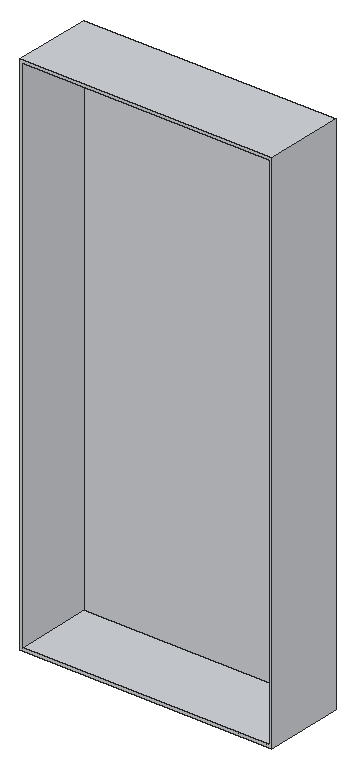
Revit family "Hager-Volta-IP30-Surface_mounted-vuoto-NoHosted-CH-it", category Electrical Equipment, Revit 2020
Family settings
  Panel Configuration = Two Columns, Circuits Across
  Round Connector Dimension = Use Diameter
  Part Type = Panelboard
  Work Plane-Based = Yes
  Always vertical = Yes
  Cut with Voids When Loaded = No
  Shared = No
  Room Calculation Point = No
Parameters (values of type "A parete IP30 L305 A640 P96.5 12 Unità di divisione - VA48MD")
  Width Control [instance] = if([HG000006 - Ad incasso], if([EF000846 - larghezza di montaggio] > min_whd, [EF000846 - larghezza di montaggio], min_whd), if([EF000008 - Larghezza] > min_whd, ([EF000008 - Larghezza]), min_whd))  # 305 mm
  Void Depth [instance] = if([EF000218 - profondità di incasso] > 1 mm, [EF000218 - profondità di incasso], 1 mm)  # 1 mm
  Type Comments = [HG000003 - Gamma]  # "Volta"
  System Height [instance] = Height Control - 2 * [HG000005 - Spessore]  # 634 mm
  Panel Name [instance] = ""  # (empty or 0)
  Offset [instance] = 0 mm
  Model = [HG000004 - Codice produttore]  # "VA48MD"
  Level Offset [instance] = [Flush Mounted - Door Frame Width] + Offset  # 0 mm
  HG000017 - Distanza tra i poli = 18 mm
  HG000016 - Visibilità delle porte nella vista 3D [instance] = yes
  HG000015 - Visibilità attraverso la porta [instance] = no
  HG000014 - Porta destra [instance] = yes
  HG000013 - Porta sinistra [instance] = not([HG000014 - Porta destra])  # no
  HG000012 - Angolo di apertura della porta [instance] = 45.00°
  HG000011 - File vuote nella parte basse = no
  HG000010 - Porte asimmetriche = no
  HG000009 - Porta doppia a battente = no
  HG000008 - Numero di file vuote = 0
  HG000007 - Numero di colonne vuote = 0
  HG000006 - Ad incasso = no
  HG000005 - Spessore = 3 mm  # constant formula
  HG000004 - Codice produttore = "VA48MD"
  HG000003 - Gamma = "Volta"
  HG000002 - Con porta = no
  HG000001 - Numero di colonne = 0
  EF015941 - Segnale di passaggio porta = no
  EF015777 - Morsettiera neutra = no
  EF015776 - Morsettiera di terra = no
  EF009212 - esecuzione coperchio = "EV009916 - con taglio"
  EF006306 - con serratura = no
  EF006244 - coperchio/porta trasparente = no
  EF005474 - grado di protezione (IP) = "EV006410 - IP30"
  EF004462 - tipo di chiusura = ""
  EF002950 - Numero moduli DIN = 12
  EF001596 - Attacco Lampada = ""
  EF001134 - barra DIN = no
  EF001131 - profondità interna = 0 mm
  EF001088 - possibilità di applicazione = yes
  EF001062 - esecuzione EMC = no
  EF000846 - larghezza di montaggio = 0 mm
  EF000339 - tipo di copertura = "EV000494 - senza"
  EF000332 - Altezza della parte incassata = 0 mm
  EF000266 - numero di file = 0
  EF000218 - profondità di incasso = 0 mm
  EF000118 - con piastra di montaggio = yes
  EF000116 - numero RAL = "9010"
  EF000049 - profondità = 96 mm
  EF000040 - Altezza = 640 mm
  EF000008 - Larghezza = 305 mm
  EF000007 - colore = ""
  EF000003 - Tipo di montaggio = "EV000384 - A parete"
  Description = ""
  Default Elevation = 1219.2 mm
  Arrow Offset [instance] = Depth Control / 8  # 12 mm
  Arrow Height [instance] = Depth Control - Arrow Offset  # 84 mm
  Host Offset [instance] = if([HG000006 - Ad incasso], 0 mm, [EF000049 - profondità])  # 96 mm
  min_whd [instance] = (2 * [HG000005 - Spessore]) + 1 mm  # 7 mm
  Manufacturer = "Hager"  # constant formula
  Height Control [instance] = if([HG000006 - Ad incasso], if([EF000332 - Altezza della parte incassata] > min_whd, [EF000332 - Altezza della parte incassata], min_whd), if([EF000040 - Altezza] > min_whd, ([EF000040 - Altezza]), min_whd))  # 640 mm
  Flush Mounted - Door Frame Width [instance] = if(([EF000040 - Altezza] - [EF000332 - Altezza della parte incassata]) > 0 mm, if([HG000006 - Ad incasso], [EF000040 - Altezza] - [EF000332 - Altezza della parte incassata], 0 mm), 0 mm)  # 0 mm
  Depth Control [instance] = if([HG000006 - Ad incasso], if([EF000218 - profondità di incasso] > 0 mm, [EF000218 - profondità di incasso], 1 mm), if([EF000049 - profondità] > 0 mm, ([EF000049 - profondità]), 1 mm))  # 96 mm
Reference planes
  plane 1 "Center (Front/Back)": y = 0
  plane 2: z = 0
  plane 3 "Center (Left/Right)": x = 0
  plane 4: y = 3
  plane 5: y = 0
  plane 6: y = 0
  plane 7: z = 0
  plane 8: x = -152.5
  plane 9: x = 152.5
  plane 10: x = 149.5
  plane 11: x = -149.5
  plane 12: z = 0
  plane 13: z = 3
  plane 14: y = -91
  plane 15: y = -96
  plane 16: y = -3
  plane 17: z = 637
  plane 18: z = 640
  plane 19: z = 320
  plane 20: x = 0
  plane 21: y = -100
Forms (mm)
  Extrusion 1, solid
    sketch origin (-208.679, -4572, 0) x (-1, 0, 0) y (0, -1, 0)
      loop
        line (-56.179, -4476) -> (-361.179, -4476) -> (-361.179, -4572) -> (-56.179, -4572) -> (-56.179, -4476)
    from 0 to 640 <- "Height Control"
  Extrusion 2, void
    sketch origin (-350.771, -96, 1219.2) x (1, 0, 0) y (0, 0, 1)
      loop
        line (201.271, -582.2) -> (201.271, -1216.2) -> (500.271, -1216.2) -> (500.271, -582.2) -> (201.271, -582.2)
    from 0 to -93
  Extrusion 3, solid, detail levels coarse+medium
    sketch origin (-350.771, -96, 1219.2) x (-1, 0, 0) y (0, 0, 1)
      loop
        line (-201.271, -582.2) -> (-500.271, -582.2) -> (-500.271, -1216.2) -> (-201.271, -1216.2) -> (-201.271, -582.2)
    from 0 to 3 <- "HG000005 - Spessore"
Cuts and joins
  Extrusion 2 cuts Extrusion 1
Dimensions and locks
  "Flush Mounted - Door Frame Width": plane 1 "Center (Front/Back)" to plane 6
  "HG000005 - Spessore": plane 4 to plane 6
  "HG000005 - Spessore": plane 8 to plane 11
  "HG000005 - Spessore": plane 9 to plane 10
  equal spacing: plane 8, plane 3 "Center (Left/Right)", plane 9
  "Width Control": plane 8 to plane 9
  locked: plane 14 to plane 15 at 5
  "Host Offset": plane 1 "Center (Front/Back)" to plane 15
  "Depth Control": plane 5 to plane 15
  "HG000005 - Spessore": plane 5 to plane 16
  "HG000005 - Spessore": plane 13 to plane 12
  "Level Offset": plane 12 to level
  "HG000005 - Spessore": plane 18 to plane 17
  "Height Control": plane 18 to plane 12
  "Arrow Offset": plane 5 to nested 4
  equal spacing: plane 18, plane 19, plane 12
  locked: connector elem to plane 19
  locked: connector elem to plane 3 "Center (Left/Right)"
  aligned and locked: nested 1 to plane 14
  aligned and locked: plane 3 "Center (Left/Right)" to nested 1
  aligned and locked: plane 3 "Center (Left/Right)" to nested 2
  aligned and locked: nested 2 to plane 15
  aligned and locked: plane 5 to Extrusion 1
  aligned and locked: Extrusion 3 sketch curve to plane 17
  aligned and locked: Extrusion 3 sketch curve to plane 11
  aligned and locked: plane 13 to Extrusion 3 sketch curve
  aligned and locked: Extrusion 3 sketch curve to plane 10
  aligned and locked: plane 13 to Extrusion 2 sketch curve
  aligned and locked: Extrusion 2 sketch curve to plane 10
  aligned and locked: Extrusion 2 sketch curve to plane 17
  aligned and locked: Extrusion 2 sketch curve to plane 11
  aligned and locked: plane 16 to Extrusion 2
  aligned and locked: plane 5 to Extrusion 1 sketch curve
  aligned and locked: plane 9 to Extrusion 1 sketch curve
  aligned and locked: plane 8 to Extrusion 1 sketch curve
  aligned and locked: plane 8 to nested 4
  aligned and locked: plane 8 to nested 3
  aligned and locked: nested 3 to plane 5
  aligned and locked: Extrusion 1 sketch curve to plane 15
  aligned and locked: Extrusion 2 to plane 15
Nested families
  nested 1: "Hager_Enclosure_System" at (0, -91, 3), Flush_Mounted <- "HG000006 - Ad incasso", Width <- "EF000008 - Larghezza", Height <- "System Height", Width_Control <- "Width Control", Row_Module_Multiplicator <- "EF002950 - Numero moduli DIN", Empty_Columns <- "HG000007 - Numero di colonne vuote", Built-in_Width <- "EF000846 - larghezza di montaggio", Border <- "HG000005 - Spessore", Total_No_Empty_Rows <- "HG000008 - Numero di file vuote", Depth <- "HG000005 - Spessore", Empty_Rows_From_Bottom <- "HG000011 - File vuote nella parte basse", Distance_Between_Poles <- "HG000017 - Distanza tra i poli", Rows_Count <- "EF000266 - numero di file", Columns_Count <- "HG000001 - Numero di colonne", type "Hager_Enclosure_System", detail levels medium+fine
    with Width_Control 305 mm, Width 305 mm, Total_No_Rows 0, Total_No_Empty_Rows 0, Total_No_Columns 1, System_Width 299 mm, Rows_Count 0, Rows_Column 0, Row_Module_Multiplicator 12, Panel_4 no, Panel_3 no, Panel_2 no, Panel_1 no, No_Panels_Ctrl 1, Hide_Columns yes, Height 634 mm, Flush_Mounted no, Empty_Rows_From_Bottom no, Empty_Rows_Column 0, Empty_Columns 0, Distance_Between_Poles 18 mm, Depth 3 mm, Columns_Count 0, Column_Width 299 mm, Built-in_Width 0 mm, Border 3 mm
  nested 2: "Hager_Enclosure_Door" at (0, -96, 0), Double <- "HG000009 - Porta doppia a battente", Height_Ctrl <- "Height Control", Transparent <- "EF006244 - coperchio/porta trasparente", Depth <- "EF000049 - profondità", Height <- "EF000040 - Altezza", Angle <- "HG000012 - Angolo di apertura della porta", Door_Right <- "HG000014 - Porta destra", Assymetrical <- "HG000010 - Porte asimmetriche", Flush_Mounted <- "HG000006 - Ad incasso", BuiltIn_Depth <- "EF000218 - profondità di incasso", BuiltIn_Width <- "EF000846 - larghezza di montaggio", Door <- "HG000002 - Con porta", Width_Ctrl <- "Width Control", 3d_Door <- "HG000016 - Visibilità delle porte nella vista 3D", Width <- "EF000008 - Larghezza", Border <- "HG000005 - Spessore", BuiltIn_Height <- "EF000332 - Altezza della parte incassata", Clearance <- "HG000015 - Visibilità attraverso la porta", Door_Left <- "HG000013 - Porta sinistra", type "Hager_Enclosure_Door", detail levels medium+fine
    with min_wh 7 mm, Width_Ctrl 305 mm, Width 305 mm, Transparent_Door_No_Bottom_Border no, Transparent no, Leaf_Width 296 mm, Leaf_Tolerance 1.5 mm, Leaf_Height 631 mm, Leaf_2_Width 296 mm, Leaf_2_Offset 148 mm, Leaf_1_Width 296 mm, Leaf_1_Offset 148 mm, Height_Ctrl 640 mm, Height 640 mm, Frame_Width_Ctrl 305 mm, Frame_Width 305 mm, Frame_Internal_Offset 0 mm, Frame_Height_Ctrl 640 mm, Frame_Height 640 mm, Frame_Depth_Ctrl 1 mm, Frame_Depth 0 mm, Flush_Mounted no, Double_Clearance_Ctrl no, Double no, Door_Right_Ctrl no, Door_Right yes, Door_Left_Ctrl no, Door_Left no, Door no, Depth 96 mm, Clearance_Depth 296 mm, Clearance_Ctrl no, Clearance no, BuiltIn_Width 0 mm, BuiltIn_Height 0 mm, BuiltIn_Depth 0 mm, Border 3 mm, Assymetrical no, Angle 45.00°, 3d_Door yes
  nested 3: "Hager_Enclosure_Symbol_Triangle" at (-152.5, 0, 0), Depth <- "Depth Control", Width <- "Width Control", type "Hager_Enclosure_Symbol_Triangle"
    with Width_Ctrl 305 mm, Width 305 mm, Depth_Ctrl 96 mm, Depth 96 mm
  nested 4: "Hager_Enclosure_Symbol_Arrow" at (-152.5, -12, 0), Height <- "Arrow Height", type "Hager_Enclosure_Symbol_Arrow"
    with Width_Inside 6.3 mm, Width 75.6 mm, Height_Ctrl 84 mm, Height 84 mm
Connectors
  electrical at (0, 0, 320)
    settings: on plane 5, index 1, voltage 0 V, apparent load 0 VA, apparent load phase1 0 VA, apparent load phase2 0 VA, apparent load phase3 0 VA, power factor 1, load classification "Other", number of poles 1, system type 30, power factor state 1, is connector primary yes, connector utility no, sub classification motor no, connector description ""
Definition of nested family "Hager_Enclosure_Door"
  Parameters (values of type "Hager_Enclosure_Door")
    min_wh [instance] = (2 * Border) + 1 mm  # 11 mm
    Width_Ctrl [instance] = 400 mm
    Width [instance] = 500 mm
    Transparent_Door_No_Bottom_Border [instance] = no
    Transparent [instance] = yes
    Leaf_Width [instance] = if((Width_Ctrl - 2 * Border - 2 * Leaf_Tolerance) > 0 mm, (Width_Ctrl - 2 * Border - 2 * Leaf_Tolerance), min_wh)  # 387 mm
    Leaf_Tolerance [instance] = 1.5 mm  # constant formula
    Leaf_Height [instance] = if((Height_Ctrl - 2 * Border - 2 * Leaf_Tolerance) > 0 mm, (Height_Ctrl - 2 * Border - 2 * Leaf_Tolerance), min_wh)  # 387 mm
    Leaf_2_Width [instance] = if(and(and(Double, Assymetrical), Door_Left), (Leaf_Width / 3) - (Leaf_Tolerance / 2), if(and(and(Double, Assymetrical), Door_Right), (Leaf_Width / 3) * 2 - (Leaf_Tolerance / 2), if(and(Double, not(Assymetrical)), (Leaf_Width / 2) - Leaf_Tolerance, Leaf_Width)))  # 387 mm
    Leaf_2_Offset [instance] = if(and(Double, Assymetrical), Leaf_2_Width / 2, if(and(Double, not(Assymetrical)), Leaf_Width / 4, Leaf_Width / 2))  # 193.5 mm
    Leaf_1_Width [instance] = if(and(and(Double, Assymetrical), Door_Right), (Leaf_Width / 3) - (Leaf_Tolerance / 2), if(and(and(Double, Assymetrical), Door_Left), (Width / 3) * 2 - (Leaf_Tolerance / 2), if(and(Double, not(Assymetrical)), (Leaf_Width / 2) - Leaf_Tolerance, Leaf_Width)))  # 387 mm
    Leaf_1_Offset [instance] = if(and(Double, Assymetrical), Leaf_1_Width / 2, if(and(Double, not(Assymetrical)), Leaf_Width / 4, Leaf_Width / 2))  # 193.5 mm
    Height_Ctrl [instance] = 400 mm
    Height [instance] = 500 mm
    Frame_Width_Ctrl [instance] = if(Frame_Width > 0 mm, Frame_Width, 1 mm)  # 1 mm
    Frame_Width [instance] = Width - BuiltIn_Width  # 0 mm
    Frame_Internal_Offset [instance] = if(Flush_Mounted, Border, 0 mm)  # 5 mm
    Frame_Height_Ctrl [instance] = if(Frame_Height > 0 mm, Frame_Height, 1 mm)  # 1 mm
    Frame_Height [instance] = Height - BuiltIn_Height  # 0 mm
    Frame_Depth_Ctrl [instance] = if(Frame_Depth > 0 mm, Frame_Depth, 1 mm)  # 1 mm
    Frame_Depth [instance] = if(Depth - BuiltIn_Depth > 0 mm, if(Flush_Mounted, Depth - BuiltIn_Depth, 0 mm), 0 mm)  # 0 mm
    Flush_Mounted [instance] = yes
    Double_Clearance_Ctrl [instance] = and(Double, Clearance)  # no
    Double [instance] = no
    Door_Right_Ctrl [instance] = and(or(Door_Right, Double), Door)  # yes
    Door_Right [instance] = yes
    Door_Left_Ctrl [instance] = and(or(Door_Left, Double), Door)  # no
    Door_Left [instance] = no
    Door [instance] = yes
    Depth [instance] = 500 mm
    Default Elevation = 1219.2 mm
    Clearance_Material = none
    Clearance_Depth [instance] = if(Leaf_1_Width > Leaf_2_Width, Leaf_1_Width, Leaf_2_Width)  # 387 mm
    Clearance_Ctrl [instance] = and(not(Double), Clearance)  # yes
    Clearance [instance] = yes
    BuiltIn_Width [instance] = 500 mm
    BuiltIn_Height [instance] = 500 mm
    BuiltIn_Depth [instance] = 500 mm
    Border [instance] = 5 mm
    Assymetrical [instance] = yes
    Angle [instance] = 30.00°
    3d_Door [instance] = yes
  Reference planes
    plane 1 "Center (Front/Back)": y = 0
    plane 2 "Bottom": z = 0
    plane 3 "Center (Left/Right)": x = 0
    plane 4: z = 400
    plane 5: x = -200
    plane 6: x = 200
    plane 7: z = 395
    plane 8: x = -195
    plane 9: z = 5
    plane 10: x = 195
    plane 11: y = 0
    plane 12: z = 6.5
    plane 13: x = -582
    plane 14: y = -387
    plane 15: x = 582
    plane 16: x = 0
    plane 17: x = 0
    plane 18: x = -193.5
    plane 19: x = 193.5
    plane 20: z = 393.5
  Forms (mm)
    Extrusion 1, solid, visible <- "Flush_Mounted"
      sketch origin (0, 0, 0) x (1, 0, 0) y (0, 0, 1)
        loop
          line (195, 5) -> (195, 395) -> (-195, 395) -> (-195, 5) -> (195, 5)
        loop
          line (-201, 401) -> (-201, -1) -> (201, -1) -> (201, 401) -> (-201, 401)
      from 0 to 1 <- "Frame_Depth_Ctrl"
    Extrusion 2, solid, material <- "Clearance_Material", visible <- "Double_Clearance_Ctrl"
      sketch origin (1200, 0, 0) x (1, 0, 0) y (0, 0, -1)
        loop
          line (-1782, -393.5) -> (-618, -393.5) -> (-618, 0) -> (-1782, 0) -> (-1782, -393.5)
      from 0 to -387
  Dimensions and locks
    equal spacing: plane 5, plane 3 "Center (Left/Right)", plane 6
    "Width_Ctrl": plane 5 to plane 6
    "Border": plane 5 to plane 8
    "Border": plane 6 to plane 10
    "Border": plane 9 to level
    "Border": plane 4 to plane 7
    "Height_Ctrl": plane 4 to level
    "Leaf_Tolerance": plane 12 to plane 9
    "Frame_Depth": plane 11 to plane 1 "Center (Front/Back)"
    "Frame_Width_Ctrl": plane 5 to Extrusion 1 sketch curve
    "Frame_Width_Ctrl": plane 6 to Extrusion 1 sketch curve
    "Frame_Width_Ctrl": Extrusion 1 sketch curve to plane 4
    "Frame_Width_Ctrl": plane 2 "Bottom" to Extrusion 1 sketch curve
    "Leaf_1_Offset": plane 18 to plane 16
    "Leaf_2_Offset": plane 17 to plane 19
    "Leaf_1_Width": plane 13 to plane 8
    "Leaf_2_Width": plane 10 to plane 15
    "Clearance_Depth": plane 14 to plane 1 "Center (Front/Back)"
    "Leaf_Tolerance": plane 8 to plane 18
    "Leaf_Tolerance": plane 19 to plane 10
    "Leaf_Tolerance": plane 7 to plane 20
    "Frame_Internal_Offset": plane 5 to Extrusion 1 sketch curve
    "Frame_Internal_Offset": Extrusion 1 sketch curve to plane 2 "Bottom"
    "Frame_Internal_Offset": plane 6 to Extrusion 1 sketch curve
    "Frame_Internal_Offset": plane 4 to Extrusion 1 sketch curve
    aligned and locked: level to plane 2 "Bottom"
    aligned and locked: nested 1 to plane 16
    aligned and locked: nested 2 to plane 17
    aligned and locked: Extrusion 2 to plane 13
    aligned and locked: plane 15 to Extrusion 2
    aligned and locked: Extrusion 2 to plane 14
    aligned and locked: plane 12 to nested 1
    aligned and locked: nested 2 to plane 12
    aligned and locked: Extrusion 2 to plane 11
    aligned and locked: plane 20 to Extrusion 2
    aligned and locked: nested 2 to plane 11
    aligned and locked: nested 1 to plane 11
  Automatic sketch dimensions
    Extrusion 2 sketch curve to level = 0 mm
    plane 5 to Extrusion 2 sketch curve = 382 mm
    plane 6 to Extrusion 2 sketch curve = 382 mm
    Extrusion 2 sketch curve to plane 4 = 6.5 mm
  Nested families
    nested 1: "Hager_Enclosure_Door_Leaf" at (0, 0, 6.5), Width <- "Leaf_1_Width", visible <- "Door_Left_Ctrl", Leaf_Height <- "Leaf_Height", Angle <- "Angle", Depth <- "Border", 3d_Door <- "3d_Door", Transparent <- "Transparent", Clearance Material <- "Clearance_Material", Clearance <- "Clearance_Ctrl", Transparent_Door_No_Bottom_Border <- "Transparent_Door_No_Bottom_Border", type "Hager_Enclosure_Door_Leaf"
      with Width 387 mm, Transparent_Door_No_Bottom_Border no, Transparent_Door_Border_Bottom_Top 25 mm, Transparent_Door_Border 25 mm, Transparent_Ctrl yes, Transparent yes, Standard no, Leaf_Height 387 mm, Glass_Offset 1 mm, Depth 5 mm, Clearance Material none, Clearance yes, Angle_Ctrl 30.00°, Angle 30.00°, 3d_Door yes
    nested 2: "Hager_Enclosure_Door_Leaf" at (0, 0, 6.5) x (-1, 0, 0) z (0, 0, 1), Width <- "Leaf_2_Width", visible <- "Door_Right_Ctrl", Leaf_Height <- "Leaf_Height", Angle <- "Angle", Depth <- "Border", 3d_Door <- "3d_Door", Transparent <- "Transparent", Clearance Material <- "Clearance_Material", Clearance <- "Clearance_Ctrl", Transparent_Door_No_Bottom_Border <- "Transparent_Door_No_Bottom_Border", type "Hager_Enclosure_Door_Leaf"
      with Width 387 mm, Transparent_Door_No_Bottom_Border no, Transparent_Door_Border_Bottom_Top 25 mm, Transparent_Door_Border 25 mm, Transparent_Ctrl yes, Transparent yes, Standard no, Leaf_Height 387 mm, Glass_Offset 1 mm, Depth 5 mm, Clearance Material none, Clearance yes, Angle_Ctrl 30.00°, Angle 30.00°, 3d_Door yes
  Definition of nested family "Hager_Enclosure_Door_Leaf"
    Parameters (values of type "Hager_Enclosure_Door_Leaf")
      Width [instance] = 2000 mm
      Transparent_Door_No_Bottom_Border [instance] = yes
      Transparent_Door_Border_Bottom_Top [instance] = if(Transparent_Door_No_Bottom_Border, 0.1 mm, Transparent_Door_Border)  # 0.1 mm
      Transparent_Door_Border [instance] = if(Transparent_Door_No_Bottom_Border, (Width * 0.12), 25 mm)  # 240 mm
      Transparent_Ctrl [instance] = and(Transparent, [3d_Door])  # yes
      Transparent [instance] = yes
      Standard [instance] = and(not(Transparent), [3d_Door])  # no
      Leaf_Height [instance] = 2720.336 mm
      Glass_Offset [instance] = if((Depth - 10 mm) / 2 > 0 mm, (Depth - 10 mm) / 2, 1 mm)  # 15 mm
      Glass_Material = none
      Depth [instance] = 40 mm
      Default Elevation = 0 mm
      Clearance Material [instance] = none
      Clearance [instance] = yes
      Angle_Ctrl [instance] = if(Angle > 170.00°, 170.00°, Angle)  # 45.00°
      Angle [instance] = 45.00°
      3d_Door [instance] = yes
    Reference planes
      plane 1 "Center (Front/Back)": y = 0
      plane 2: z = 0
      plane 3 "Center (Left/Right)": x = 0
      plane 4: y = 2000
      plane 5: x = -1000
      plane 6: x = 1000
      plane 7: x = -3000
      plane 8: z = 2720.336
      plane 9: z = 0.1
      plane 10: z = 2720.236
      plane 11: x = 760
      plane 12: x = -760
    Forms (mm)
      Extrusion 1, solid, material <- "Clearance Material", visible <- "Clearance"
        sketch origin (0, 0, 0) x (1, 0, 0) y (0, 0, 1)
          loop
            line (-3000, 2720.336) -> (-3000, 0) -> (1000, 0) -> (1000, 2720.336) -> (-3000, 2720.336)
        from 0 to -2000
      Extrusion 2, solid, visible <- "Standard", detail levels medium+fine
        sketch origin (-1000, 0, 0) x (0.707107, 0.707107, 0) y (-0.707107, 0.707107, 0)
          loop
            line (0, -40) -> (2000, -40) -> (2000, 0) -> (0, 0) -> (0, -40)
        from 0 to 2720.336 <- "Leaf_Height"
      Extrusion 3, solid, visible <- "Transparent_Ctrl", detail levels medium+fine
        sketch origin (-1000, 0, 0) x (0.707107, 0.707107, 0) y (-0.707107, 0.707107, 0)
          loop
            line (0, -40) -> (2000, -40) -> (2000, 0) -> (0, 0) -> (0, -40)
        from 0 to 2720.336 <- "Leaf_Height"
      Extrusion 4, void, detail levels medium+fine
        sketch origin (-1000, 0, 0) x (-0.707107, 0.707107, 0) y (0.707107, 0.707107, 0)
          loop
            line (0, 240) -> (0, 1760) -> (-40, 1760) -> (-40, 240) -> (0, 240)
        from -2720.236 to -0.1
      Extrusion 5, solid, material <- "Glass_Material", visible <- "Transparent_Ctrl", detail levels medium+fine
        sketch origin (-1000, 0, 0) x (0.707107, 0.707107, 0) y (-0.707107, 0.707107, 0)
          loop
            line (240, -15) -> (240, -25) -> (1760, -25) -> (1760, -15) -> (240, -15)
        from 0.1 to 2720.236
    Cuts and joins
      Extrusion 4 cuts Extrusion 3
    Lines and regions (mm)
      symbolic lines
        curve 1: line (1000, 0, 0) -> (-3000, 0, 0)
        curve 2: arc (1000, 0, 0) -> (-1000, 2000, 0) -> (-3000, 0, 0) r 2000
        curve 4: line (-1000, 0, 0) -> (414.214, 1414.214, 0)
      reference lines
        curve 3: line (-1000, 0, 0) -> (414.214, 1414.214, 0)
      symbolic lines, detail levels medium+fine
        curve 5: line (414.214, 1414.214, 0) -> (442.498, 1385.929, 0)
        curve 6: line (442.498, 1385.929, 0) -> (-971.716, -28.284, 0)
        curve 7: line (-971.716, -28.284, 0) -> (-1000, 0, 0)
        curve 8: line (-1000, 0, 2720.336) -> (1000, 0, 2720.336)
        curve 9: line (-1000, 0, 0) -> (-1000, 0, 2720.336)
        curve 10: line (1000, 0, 0) -> (-1000, 0, 0)
        curve 11: line (1000, 0, 2720.336) -> (1000, 0, 0)
      symbolic lines, visible <- "Transparent_Ctrl", detail levels medium+fine
        curve 12: line (-760, 0, 2720.236) -> (760, 0, 2720.236)
        curve 13: line (-760, 0, 0.1) -> (-760, 0, 2720.236)
        curve 14: line (760, 0, 0.1) -> (-760, 0, 0.1)
        curve 15: line (760, 0, 2720.236) -> (760, 0, 0.1)
    Dimensions and locks
      "Width": plane 1 "Center (Front/Back)" to plane 4
      equal spacing: plane 5, plane 3 "Center (Left/Right)", plane 6
      "Width": plane 5 to plane 6
      "Width": plane 7 to plane 5
      "Leaf_Height": plane 8 to level
      "Depth": curve 6 to curve 3
      "Width": curve 5 to curve 3
      "Width": curve 3 to curve 3
      "Transparent_Door_Border": Extrusion 4 sketch curve to curve 7
      "Transparent_Door_Border": Extrusion 4 sketch curve to curve 5
      "Transparent_Door_Border_Bottom_Top": plane 8 to plane 10
      "Transparent_Door_Border_Bottom_Top": plane 9 to level
      "Glass_Offset": Extrusion 5 sketch curve to curve 4
      "Glass_Offset": Extrusion 5 sketch curve to curve 6
      "Transparent_Door_Border": Extrusion 5 sketch curve to curve 5
      "Transparent_Door_Border": Extrusion 5 sketch curve to curve 7
      "Transparent_Door_Border": plane 12 to plane 5
      "Transparent_Door_Border": plane 6 to plane 11
      "Angle_Ctrl": angle plane 1 "Center (Front/Back)" to curve 3
      aligned and locked: level to plane 2
      aligned and locked: Extrusion 1 to curve 1
      aligned and locked: plane 6 to Extrusion 1
      aligned and locked: Extrusion 1 to plane 1 "Center (Front/Back)"
      aligned and locked: plane 4 to Extrusion 1
      aligned and locked: plane 8 to Extrusion 1
      aligned and locked: curve 4 to curve 3
      aligned and locked: Extrusion 2 sketch curve to curve 7
      aligned and locked: Extrusion 2 sketch curve to curve 6
      aligned and locked: Extrusion 2 sketch curve to curve 5
      aligned and locked: Extrusion 2 sketch curve to curve 3
      aligned and locked: curve 7 to Extrusion 3 sketch curve
      aligned and locked: Extrusion 3 sketch curve to curve 4
      aligned and locked: Extrusion 3 sketch curve to curve 6
      aligned and locked: Extrusion 3 sketch curve to curve 5
      aligned and locked: curve 4 to Extrusion 4 sketch curve
      aligned and locked: curve 6 to Extrusion 4 sketch curve
      aligned and locked: Extrusion 4 to plane 9
      aligned and locked: Extrusion 4 to plane 10
      aligned and locked: Extrusion 5 to plane 9
      aligned and locked: Extrusion 5 to plane 10
      aligned and locked: curve 8 to plane 8
      aligned and locked: plane 5 to curve 9
      aligned and locked: plane 2 to curve 10
      aligned and locked: curve 11 to plane 6
      aligned and locked: plane 10 to curve 12
      aligned and locked: plane 12 to curve 13
      aligned and locked: curve 14 to plane 9
      aligned and locked: plane 11 to curve 15
    Automatic sketch dimensions
      plane 1 "Center (Front/Back)" to curve 2 = 0 mm
      curve 2 to plane 5 = 0 mm
      Extrusion 1 sketch curve to level = 0 mm
      Extrusion 1 sketch curve to plane 7 = 0 mm
      Extrusion 1 sketch curve to plane 6 = 0 mm
      Extrusion 1 sketch curve to plane 8 = 0 mm
      plane 1 "Center (Front/Back)" to curve 3 = 0 mm
      curve 3 to plane 5 = 0 mm
      curve 7 to curve 3 = 0 mm
Definition of nested family "Hager_Enclosure_Symbol_Triangle"
  Parameters (values of type "Hager_Enclosure_Symbol_Triangle")
    Width_Ctrl [instance] = if(Width > 1 mm, Width, 1 mm)  # 498 mm
    Width [instance] = 498 mm
    Depth_Ctrl [instance] = if(Depth > 1 mm, Depth, 1 mm)  # 72 mm
    Depth [instance] = 72 mm
  Reference planes
    plane 1 "Centre (avant/arrière)": y = 0
    plane 2: z = 0
    plane 3 "Centre (gauche/droite)": x = 0
  Lines and regions (mm)
    Filled region 1, type "Solid_Black", in view "Niveau de réf."
      outline origin (0, 0, 0) x (1, 0, 0) y (0, 1, 0)
        loop
          line (0, 0) -> (498, 0) -> (498, 72) -> (0, 0)
    reference lines, in view "Niveau de réf."
      curve 1: line (-206.153, 72, 0) -> (1083.258, 72, 0)
      curve 2: line (498, 405.456, 0) -> (498, -517.619, 0)
  Dimensions and locks
    "Depth_Ctrl": plane 1 "Centre (avant/arrière)" to curve 1
    "Width_Ctrl": plane 3 "Centre (gauche/droite)" to curve 2
    aligned and locked: curve 1 to Filled region 1 sketch curve
    aligned and locked: Filled region 1 sketch curve to plane 1 "Centre (avant/arrière)"
    aligned and locked: curve 2 to Filled region 1 sketch curve
    aligned and locked: plane 3 "Centre (gauche/droite)" to Filled region 1 sketch curve
    aligned and locked: plane 1 "Centre (avant/arrière)" to Filled region 1 sketch curve
  Automatic sketch dimensions
    curve 1 to plane 3 "Centre (gauche/droite)" = 206.153 mm
    curve 2 to curve 1 = 585.258 mm
    plane 1 "Centre (avant/arrière)" to curve 2 = 517.619 mm
    curve 2 to plane 1 "Centre (avant/arrière)" = 405.456 mm
Definition of nested family "Hager_Enclosure_Symbol_Arrow"
  Parameters (values of type "Hager_Enclosure_Symbol_Arrow")
    Width_Inside [instance] = if(Width / 12 > 2 mm, Width / 12, 2 mm)  # 4.987 mm
    Width [instance] = if(Height_Ctrl * 0.9 > 2 mm, Height_Ctrl * 0.9, 2 mm)  # 59.85 mm
    Height_Ctrl [instance] = if(Height > 2 mm, Height, 2 mm)  # 66.5 mm
    Height [instance] = 66.5 mm
  Reference planes
    plane 1 "Centre (avant/arrière)": y = 0
    plane 2: z = 0
    plane 3 "Centre (gauche/droite)": x = 0
    plane 4: x = 59.85
    plane 5: y = 28.263
    plane 6: y = 38.238
    plane 7: y = 66.5
    plane 8: x = 29.925
    plane 9: y = 33.25
  Lines and regions (mm)
    Filled region 1, type "Solid_Black", in view "Niveau de réf."
      outline origin (0, 0, 0) x (1, 0, 0) y (0, 1, 0)
        loop
          line (59.85, 66.5) -> (37.929, 52.827) -> (51.846, 41.935) -> (59.85, 66.5)
    detail lines, in view "Niveau de réf."
      curve 1: line (0, 0, 0) -> (29.925, 38.238, 0)
      curve 2: line (29.925, 38.238, 0) -> (29.925, 28.263, 0)
      curve 3: line (29.925, 28.263, 0) -> (59.85, 66.5, 0)
  Dimensions and locks
    "Width": plane 3 "Centre (gauche/droite)" to plane 4
    "Height_Ctrl": plane 7 to plane 1 "Centre (avant/arrière)"
    equal spacing: plane 3 "Centre (gauche/droite)", plane 8, plane 4
    equal spacing: plane 7, plane 9, plane 1 "Centre (avant/arrière)"
    equal spacing: plane 6, plane 9, plane 5
    "Width_Inside": plane 6 to plane 9
    equal spacing: curve 3, Filled region 1 sketch curve, Filled region 1 sketch curve
    angle Filled region 1 sketch curve to curve 3 = 20.00°
    angle curve 3 to Filled region 1 sketch curve = 20.00°
    locked: curve 3 to Filled region 1 sketch curve (angle 90.00°)
  Automatic sketch dimensions
    plane 1 "Centre (avant/arrière)" to curve 1 = 0 mm
    curve 1 to plane 3 "Centre (gauche/droite)" = 0 mm
    curve 2 to plane 6 = 0 mm
    curve 3 to plane 8 = 0 mm
    curve 3 to plane 4 = 0 mm
    curve 2 to plane 5 = 0 mm
    curve 3 to plane 7 = 0 mm
    Filled region 1 sketch curve to plane 4 = 0 mm
    Filled region 1 sketch curve to plane 7 = 0 mm
